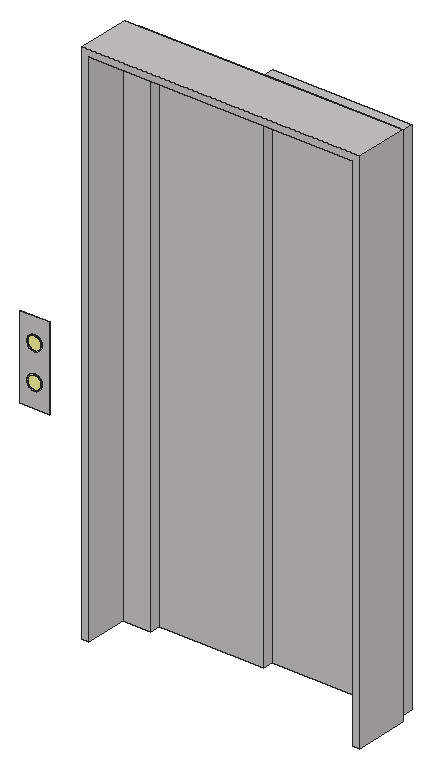
Revit family
Parameters (values of type "12000 x 2290 Opening")
  Thickness = 30.00 mm
  Structural Opening Width = 1200.00 mm
  Structural Opening Height = 2290.00 mm
  Function = (empty or 0)
  Elevator Call Button - Right Side [instance] = no
  Elevator Call Button - Left Side [instance] = yes
  Door Material = Metal - Stainless
  Frame Material = Metal - Stainless
  Height = 2290.00 mm
  Trim Projection Ext = 25.00 mm
  Trim Projection Int = 25.00 mm
  Trim Width = 120.00 mm
  Wall Closure = (empty or 0)
  Width = 900.00 mm
  Call Button Offset = 200.00 mm
  Call Button Height = 1000.00 mm
  Assembly Code = ""
Reference planes
  plane 1: y = 0
  plane 2: z = 0
  plane 3: x = 0
  plane 4: x = -600
  plane 5: x = 600
  plane 6: z = 2290
  plane 7: y = 100
  plane 8: y = 130
  plane 9: x = -450
  plane 10: x = 450
  plane 11: x = -570
  plane 12: x = 570
  plane 13: y = 85
  plane 14: z = 2260
  plane 15: y = 215
  plane 16: y = 172.5
  plane 17: x = -30
  plane 18: x = 800
  plane 19: z = 1000
  plane 20: x = -800
Forms (mm)
  Sweep 1, solid, material "Metal - Stainless" <- "Frame Material"
    path origin (-1524, -100, 0) x (1, 0, 0) y (0, 0, 1)
      loop
        line (954, 0) -> (954, 2260) -> (2094, 2260) -> (2094, 0)
    profile origin (-570, -100, 1130) x (-1, 0, 0) y (0, -1, 0)
      loop
        line (0, 0) -> (0, -185) -> (-120, -185) -> (-120, -230) -> (30, -230) -> (30, 0) -> (0, 0)
  Extrusion 2, solid, material "Metal - Stainless" <- "Door Material"
    sketch origin (0, 0, 0) x (1, 0, 0) y (0, 1, 0)
      loop
        line (-570, 172.5) -> (-570, 130) -> (0, 130) -> (0, 172.5) -> (-570, 172.5)
    from 0 to 2260
  Extrusion 3, solid, material "Metal - Stainless"
    sketch origin (0, 0, 0) x (1, 0, 0) y (0, 1, 0)
      loop
        line (-30, 215) -> (-30, 172.5) -> (570, 172.5) -> (570, 215) -> (-30, 215)
    from 0 to 2260
Lines and regions (mm)
  Opening 1
    outline origin (-1524, -100, 3657.6) x (0, 0, -1) y (1, 0, 0)
      loop
        line (1367.6, 924) -> (3657.6, 924) -> (3657.6, 2124) -> (1367.6, 2124) -> (1367.6, 924)
  model lines, not visible
    curve 1: line (52.604, -26.4, 1072.15) -> (212.604, -26.4, 1072.15)
    curve 2: line (212.604, -26.4, 1072.15) -> (141.893, -26.4, 1142.861)
    curve 3: line (212.604, -26.4, 1072.15) -> (141.893, -26.4, 1001.439)
  model lines
    curve 4: line (285.104, 100, 1072.15) -> (125.104, 100, 1072.15)
    curve 5: line (125.104, 100, 1072.15) -> (195.815, 100, 1001.439)
    curve 6: line (125.104, 100, 1072.15) -> (195.815, 100, 1142.861)
    curve 7: line (-142.604, 100, 1072.15) -> (-302.604, 100, 1072.15)
    curve 8: line (-302.604, 100, 1072.15) -> (-231.893, 100, 1142.861)
    curve 9: line (-302.604, 100, 1072.15) -> (-231.893, 100, 1001.439)
Dimensions and locks
  equal spacing: plane 4, plane 3, plane 5
  "Structural Opening Width": plane 4 to plane 5
  "Structural Opening Height": plane 6 to level
  "Thickness": plane 8 to plane 7
  equal spacing: plane 9, plane 3, plane 10
  "Width": plane 9 to plane 10
  "Trim Width": plane 11 to plane 9
  "Trim Width": plane 10 to plane 12
  locked: plane 8 to plane 13 at 45
  "Thickness": plane 6 to plane 14
  locked: plane 15 to plane 7 at 115
  equal spacing: plane 15, plane 16, plane 8
  "Thickness": plane 17 to plane 3
  "Call Button Offset": plane 5 to plane 18
  "Call Button Height": plane 19 to plane 2
  "Call Button Offset": plane 20 to plane 4
  aligned and locked: plane 7 to host wall
  aligned and locked: plane 6 to Opening 1 sketch curve
  aligned and locked: plane 11 to Sweep 1 sketch curve
  aligned and locked: plane 12 to Sweep 1 sketch curve
  aligned and locked: Sweep 1 sketch curve to plane 14
  aligned and locked: plane 2 to Sweep 1 sketch curve  (x2)
  aligned and locked: Extrusion 2 sketch curve to plane 16
  aligned and locked: plane 11 to Extrusion 2 sketch curve
  aligned and locked: plane 8 to Extrusion 2 sketch curve
  aligned and locked: Extrusion 2 sketch curve to plane 3
  aligned and locked: plane 14 to Extrusion 2
  aligned and locked: Extrusion 3 sketch curve to plane 15
  aligned and locked: Extrusion 3 sketch curve to plane 17
  aligned and locked: plane 16 to Extrusion 3 sketch curve
  aligned and locked: plane 12 to Extrusion 3 sketch curve
  aligned and locked: plane 14 to Extrusion 3
  aligned and locked: plane 18 to nested 1
  aligned and locked: plane 19 to nested 1
  aligned and locked: plane 19 to nested 2
  aligned and locked: nested 2 to plane 20
Automatic sketch dimensions
  curve 5 to curve 5 = 70.711 mm  (x2)
  curve 6 to curve 5 = 70.711 mm
  curve 4 to curve 5 = 89.289 mm
  curve 2 to curve 2 = 70.711 mm  (x2)
  curve 3 to curve 2 = 70.711 mm
  curve 1 to curve 2 = 89.289 mm
  curve 8 to curve 8 = 70.711 mm  (x2)
  curve 9 to curve 8 = 70.711 mm
  curve 7 to curve 8 = 89.289 mm
  plane 5 to Opening 1 sketch curve = 0.00 mm
  Opening 1 sketch curve to level = 0.00 mm
  plane 4 to Opening 1 sketch curve = 0.00 mm
  profile plane to Sweep 1 sketch curve = 0.00 mm
  Sweep 1 sketch curve to Sweep 1 sketch curve = 120.00 mm
  Sweep 1 sketch curve to Sweep 1 sketch curve = 45.00 mm
  Sweep 1 sketch curve to profile plane = 0.00 mm
  Sweep 1 sketch curve to profile plane = 185.00 mm
  Sweep 1 sketch curve to profile plane = 30.00 mm
Nested families
  nested 1: "Elevator Call Button" at (800, 0, -149.538) x (-1, 0, 0) z (0, 0, 1), visible <- "Elevator Call Button - Right Side", type "Elevator Call Button"
  nested 2: "Elevator Call Button" at (-800, 0, -149.538) x (-1, 0, 0) z (0, 0, 1), visible <- "Elevator Call Button - Left Side", type "Elevator Call Button"
Definition of nested family "Elevator Call Button"
  Parameters (values of type "Elevator Call Button")
    Width = 127.00 mm
    Height = 355.60 mm
    Depth = 3.175 mm
  Reference planes
    plane 1: y = 0
    plane 2 "Center (Left/Right)": x = 0
    plane 3 "Back": y = 152.4
    plane 4 "Left": x = -63.5
    plane 5 "Right": x = 63.5
    plane 6 "Front": y = 155.575
    plane 7: z = 971.738
    plane 8: z = 1327.338
    plane 9: z = 1225.738
    plane 10: z = 1073.338
    plane 11: z = 1149.538
  Forms (mm)
    Extrusion 1, solid, material "Chrome Plating"
      sketch origin (-1524, 152.4, 0) x (-1, 0, 0) y (0, 0, 1)
        loop
          line (-1587.5, 1327.338) -> (-1587.5, 971.738) -> (-1460.5, 971.738) -> (-1460.5, 1327.338) -> (-1587.5, 1327.338)
      from 0 to 3.175 <- "Depth"
    Extrusion 2, solid, material "Chrome Plating"
      sketch origin (-1524, 152.4, -152.4) x (-1, 0, 0) y (0, 0, 1)
        loop
          circle (-1524, 1225.738) r 31.75
        loop
          circle (-1524, 1225.738) r 30.163
      from 0 to 6.35
    Extrusion 3, solid, material "Push Button"
      sketch origin (-1524, 152.4, -152.4) x (-1, 0, 0) y (0, 0, 1)
        loop
          circle (-1524, 1225.738) r 30.163
      from 0 to 4.763
    Extrusion 4, solid, material "Chrome Plating"
      sketch origin (-1524, 152.4, 0) x (-1, 0, 0) y (0, 0, 1)
        loop
          circle (-1524, 1225.738) r 31.75
        loop
          circle (-1524, 1225.738) r 30.163
      from 0 to 6.35
    Extrusion 5, solid, material "Push Button"
      sketch origin (-1524, 152.4, 0) x (-1, 0, 0) y (0, 0, 1)
        loop
          circle (-1524, 1225.738) r 30.163
      from 0 to 4.763
  Cuts and joins
    joined: Extrusion 1, Extrusion 2, Extrusion 4
  Lines and regions (mm)
    reference lines
      curve 1: line (0, 152.4, 971.738) -> (0, 152.4, 1327.338)
  Text (mm)
    text "Placement Side" at (0, 1019.848, 3124.603), in view "Right"
    text "Placement Side" at (-1787.662, 723.012, 0), in view "Ref. Level"
    text "Placement Side" at (0, 2122.613, 3571.227), in view "Left"
  Dimensions and locks
    locked: plane 3 "Back" to host wall
    equal spacing: plane 4 "Left", plane 2 "Center (Left/Right)", plane 5 "Right"
    "Width": plane 4 "Left" to plane 5 "Right"
    "Depth": plane 3 "Back" to plane 6 "Front"
    "Height": plane 7 to plane 8
    plane 9 to plane 8 = 101.60 mm
    plane 7 to plane 10 = 101.60 mm
    equal spacing: plane 7, plane 11, plane 8
    aligned and locked: plane 5 "Right" to Extrusion 1 sketch curve
    aligned and locked: plane 8 to Extrusion 1 sketch curve
    aligned and locked: plane 7 to Extrusion 1 sketch curve
    aligned and locked: plane 4 "Left" to Extrusion 1 sketch curve
    aligned and locked: cut or joined group of Extrusion 1, Extrusion 2, Extrusion 4 to curve 1  (x2)
    aligned and locked: curve 1 to plane 2 "Center (Left/Right)"
  Automatic sketch dimensions
    Extrusion 2 sketch curve to Extrusion 2 sketch curve = 0.00 mm  (x2)
    Extrusion 2 sketch curve to plane 2 "Center (Left/Right)" = 0.00 mm
    Extrusion 2 sketch curve to plane 10 = 0.00 mm
    Extrusion 3 sketch curve to plane 2 "Center (Left/Right)" = 0.00 mm
    Extrusion 3 sketch curve to plane 10 = 0.00 mm
    Extrusion 4 sketch curve to Extrusion 4 sketch curve = 0.00 mm  (x2)
    Extrusion 4 sketch curve to plane 2 "Center (Left/Right)" = 0.00 mm
    Extrusion 4 sketch curve to plane 9 = 0.00 mm
    Extrusion 5 sketch curve to plane 2 "Center (Left/Right)" = 0.00 mm
    Extrusion 5 sketch curve to plane 9 = 0.00 mm
    curve 1 to plane 7 = 0.00 mm
    curve 1 to plane 8 = 0.00 mm
    radius of Extrusion 2 sketch curve = 31.75 mm
    radius of Extrusion 2 sketch curve = 30.163 mm
    radius of Extrusion 3 sketch curve = 30.163 mm
    radius of Extrusion 4 sketch curve = 31.75 mm
    radius of Extrusion 4 sketch curve = 30.163 mm
    radius of Extrusion 5 sketch curve = 30.163 mm
